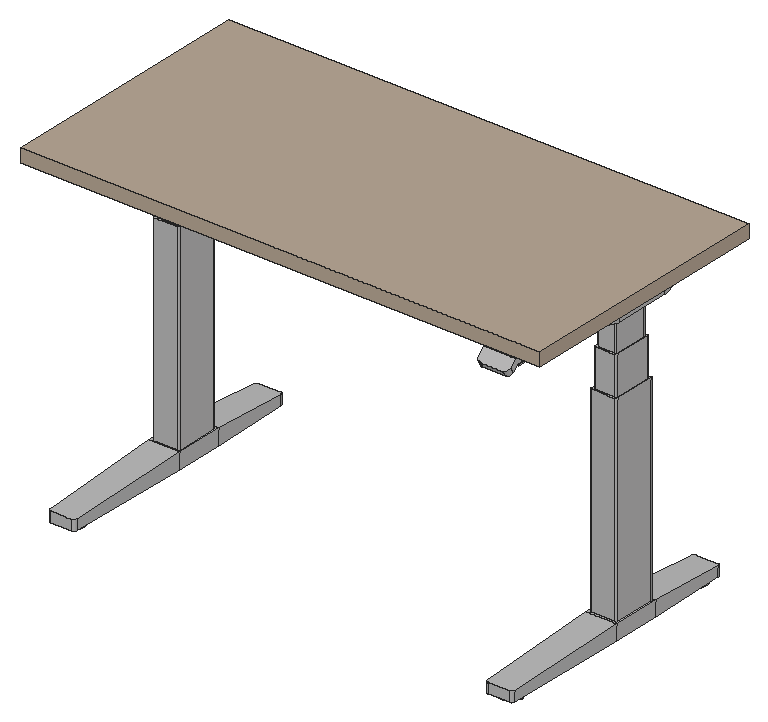
Revit family "Table-Teknion-JNHTRF-Navigate_Height_Adjustable_Rectangular-2018", category Furniture, Revit 2018 (continued)
Dimensions and locks (in)
  aligned and locked: curve 103 to cut or joined group of Sweep 4, Sweep 5
  aligned and locked: curve 104 to cut or joined group of Sweep 4, Sweep 5
  aligned and locked: curve 105 to Sweep 3
  aligned and locked: curve 106 to Sweep 3
  aligned and locked: curve 107 to Sweep 3
  aligned and locked: curve 108 to Sweep 3
  aligned and locked: curve 109 to Sweep 3
  aligned and locked: curve 110 to Sweep 3
  aligned and locked: curve 111 to Sweep 3
  aligned and locked: curve 112 to Sweep 3
  aligned and locked: plane 9 "Left Edge of Modesty Panel" to Sweep 10 sketch curve
  aligned and locked: plane 10 "Right Edge of Modesty Panel" to Sweep 10 sketch curve
  aligned and locked: plane 14 to Sweep 14 sketch curve
  aligned and locked: plane 3 "Center Left/Right" to Sweep 14 sketch curve
  aligned and locked: plane 1 "Center Front/Back" to Sweep 15 sketch curve
  aligned and locked: Sweep 15 sketch curve to plane 11 "Bottom of Worksurface"
  aligned and locked: plane 14 to Sweep 16 sketch curve
  aligned and locked: plane 3 "Center Left/Right" to Sweep 16 sketch curve
  aligned and locked: Sweep 17 sketch curve to plane 1 "Center Front/Back"
  aligned and locked: plane 11 "Bottom of Worksurface" to Sweep 17 sketch curve
  aligned and locked: plane 1 "Center Front/Back" to Sweep 18 sketch curve
  aligned and locked: plane 10 "Right Edge of Modesty Panel" to Sweep 18 sketch curve
  aligned and locked: plane 9 "Left Edge of Modesty Panel" to Sweep 18 sketch curve
  aligned and locked: plane 14 to Sweep 18 sketch curve
  aligned and locked: curve 113 to cut or joined group of Sweep 14, Sweep 18
  aligned and locked: curve 114 to cut or joined group of Sweep 14, Sweep 18
  aligned and locked: curve 115 to Sweep 15
  aligned and locked: curve 116 to Sweep 15
  aligned and locked: curve 117 to Sweep 15
  aligned and locked: curve 118 to Sweep 15
  aligned and locked: curve 119 to cut or joined group of Sweep 14, Sweep 18
  aligned and locked: curve 120 to cut or joined group of Sweep 14, Sweep 18
  aligned and locked: curve 121 to cut or joined group of Sweep 16, Sweep 18
  aligned and locked: curve 122 to cut or joined group of Sweep 16, Sweep 18
  aligned and locked: curve 123 to cut or joined group of Sweep 16, Sweep 18
  aligned and locked: curve 124 to cut or joined group of Sweep 16, Sweep 18
  aligned and locked: curve 125 to Sweep 17
  aligned and locked: curve 126 to Sweep 17
  aligned and locked: curve 127 to Sweep 17
  aligned and locked: curve 128 to Sweep 17
  aligned and locked: curve 129 to cut or joined group of Sweep 16, Sweep 18
  aligned and locked: curve 130 to cut or joined group of Sweep 16, Sweep 18
  aligned and locked: curve 131 to cut or joined group of Sweep 16, Sweep 18
  aligned and locked: curve 132 to cut or joined group of Sweep 16, Sweep 18
  aligned and locked: curve 133 to cut or joined group of Sweep 16, Sweep 18
  aligned and locked: curve 134 to Sweep 17
  aligned and locked: curve 135 to Sweep 17
  aligned and locked: curve 136 to cut or joined group of Sweep 14, Sweep 18
  aligned and locked: curve 137 to cut or joined group of Sweep 14, Sweep 18
  aligned and locked: curve 138 to cut or joined group of Sweep 14, Sweep 18
  aligned and locked: curve 139 to cut or joined group of Sweep 14, Sweep 18
  aligned and locked: curve 140 to cut or joined group of Sweep 14, Sweep 18
  aligned and locked: curve 141 to Sweep 15
  aligned and locked: curve 142 to Sweep 15
  aligned and locked: plane 1 "Center Front/Back" to Sweep 19 sketch curve
  aligned and locked: plane 1 "Center Front/Back" to Sweep 20 sketch curve
  aligned and locked: plane 3 "Center Left/Right" to Sweep 21 sketch curve
  aligned and locked: Sweep 22 sketch curve to plane 1 "Center Front/Back"
  aligned and locked: plane 3 "Center Left/Right" to Sweep 24 sketch curve
  aligned and locked: plane 3 "Center Left/Right" to Sweep 25 sketch curve
  aligned and locked: plane 3 "Center Left/Right" to Sweep 26 sketch curve
  aligned and locked: Sweep 27 sketch curve to plane 3 "Center Left/Right"
  aligned and locked: Sweep 28 sketch curve to plane 3 "Center Left/Right"
  aligned and locked: plane 8 "Top" to Sweep 29 sketch curve
  aligned and locked: plane 3 "Center Left/Right" to Sweep 29 sketch curve
  aligned and locked: plane 3 "Center Left/Right" to Sweep 30 sketch curve
  aligned and locked: plane 3 "Center Left/Right" to Sweep 31 sketch curve
  aligned and locked: plane 3 "Center Left/Right" to Sweep 32 sketch curve
  aligned and locked: plane 3 "Center Left/Right" to Sweep 33 sketch curve
  aligned and locked: Sweep 34 sketch curve to plane 3 "Center Left/Right"
  aligned and locked: Sweep 35 sketch curve to plane 1 "Center Front/Back"
  aligned and locked: plane 1 "Center Front/Back" to SweptBlend 36 sketch curve
  aligned and locked: plane 9 "Left Edge of Modesty Panel" to curve 18
Automatic sketch dimensions
  Sweep 2 sketch curve to Sweep 2 sketch curve = 2.000"  (x4)
  plane 15 to Sweep 7 sketch curve = 0.99951"
  Sweep 7 sketch curve to Sweep 7 sketch curve = 0.11811"  (x6)
  Sweep 7 sketch curve to Sweep 7 sketch curve = 1.72441"  (x2)
  Sweep 8 sketch curve to Sweep 8 sketch curve = 0.11807"  (x6)
  Sweep 8 sketch curve to Sweep 8 sketch curve = 1.39624"  (x2)
  Sweep 8 sketch curve to Sweep 8 sketch curve = 0.000"  (x2)
  Sweep 8 sketch curve to Sweep 8 sketch curve = 0.00007"  (x4)
  plane 1 "Center Front/Back" to Sweep 8 sketch curve = 0.97472"  (x2)
  plane 1 "Center Front/Back" to Sweep 9 sketch curve = 1.65423"
  Sweep 9 sketch curve to plane 1 "Center Front/Back" = 2.67648"
  Sweep 10 sketch curve to Sweep 10 sketch curve = 0.10472"  (x2)
  Sweep 11 sketch curve to Sweep 11 sketch curve = 5.97313"
  Sweep 6 sketch curve to Sweep 6 sketch curve = 0.14453"  (x8)
  plane 15 to Sweep 16 sketch curve = 1.43504"
  Sweep 32 sketch curve to Sweep 32 sketch curve = 0.000"
  Sweep 32 sketch curve to Sweep 32 sketch curve = 0.1422"  (x2)
  Sweep 32 sketch curve to Sweep 32 sketch curve = 1.02621"
  Sweep 33 sketch curve to Sweep 33 sketch curve = 0.000"
  Sweep 33 sketch curve to Sweep 33 sketch curve = 0.1422"  (x2)
  Sweep 33 sketch curve to Sweep 33 sketch curve = 1.02621"
  Sweep 34 sketch curve to Sweep 34 sketch curve = 0.000"
  Sweep 34 sketch curve to Sweep 34 sketch curve = 1.02621"
  Sweep 34 sketch curve to Sweep 34 sketch curve = 0.1422"  (x2)
  Sweep 23 sketch curve to plane 3 "Center Left/Right" = 0.000"
  SweptBlend 36 sketch curve to SweptBlend 36 sketch curve = 0.000"  (x2)
  SweptBlend 36 sketch curve to SweptBlend 36 sketch curve = 0.41711"  (x2)
  Masking region 3 sketch curve to Masking region 3 sketch curve = 0.00065"
  Masking region 3 sketch curve to Masking region 3 sketch curve = 0.00608"  (x2)
  Masking region 3 sketch curve to Masking region 3 sketch curve = 0.00001"  (x2)
  Masking region 3 sketch curve to plane 10 "Right Edge of Modesty Panel" = 0.7444"
  Masking region 3 sketch curve to Masking region 3 sketch curve = 0.29937"
  Masking region 3 sketch curve to Masking region 3 sketch curve = 0.00046"
  Masking region 3 sketch curve to plane 7 "Front" = 0.000"
  plane 9 "Left Edge of Modesty Panel" to curve 39 = 0.12299"
  curve 44 to curve 31 = 0.47013"
  curve 42 to curve 37 = 0.47013"
  curve 46 to curve 57 = 0.47013"
  curve 51 to curve 60 = 0.47013"
  curve 47 to plane 10 "Right Edge of Modesty Panel" = 0.10509"
  curve 49 to plane 10 "Right Edge of Modesty Panel" = 0.10509"
  curve 39 to curve 34 = 0.30185"
  curve 51 to curve 52 = 0.20668"
  curve 53 to curve 19 = 0.01912"
  curve 32 to curve 32 = 0.20668"
  curve 17 to curve 48 = 0.22642"
  curve 218 to curve 177 = 0.07897"
  curve 226 to curve 194 = 0.07897"
  curve 211 to curve 165 = 0.07897"
  curve 216 to curve 215 = 0.49985"
  curve 224 to curve 223 = 0.49985"
  curve 218 to curve 219 = 0.49985"
  curve 209 to curve 208 = 0.49985"
  curve 211 to curve 212 = 0.49985"
  curve 226 to curve 227 = 0.49985"
  curve 197 to curve 228 = 0.07897"
  curve 160 to curve 213 = 0.07897"
  curve 181 to curve 222 = 0.07897"
  curve 115 to curve 138 = 0.00118"
  curve 125 to curve 133 = 0.00118"
  radius of Sweep 3 sketch curve = 0.984"  (x4)
Types (5): name | Right Leg Offset | Left Leg Offset | Dia Cutout Offset | Sq Cutout Offset | U | S | Width | TT | Standard Corner Detail | Integrated Power Offset | Frame Offset | Additional Power Bar Notes | Depth | Curved Corner Detail | Model | Description | CC | Actual Width
  (no name) | 2.242" | 2.242" | 14.358" | 14.053" | yes | no | 46.000" | no | yes | 11.630" | 10.000" | "External Powerbar unavailable with User Optimized Width" | 23.000" | no | "JNHTRFNCC_29_U" | "Navigate Height-Adjustable Base - Rectangular, Navigate Leg Style, C-Legs Application, 29 Depth, User Optimzed Width Configuration" | yes | 46.000"
  T-Legs, User Optimized Width Configuration | 2.242" | 2.242" | 3.358" | 4.553" | yes | no | 46.000" | yes | yes | 11.630" | 15.011" | "External Powerbar unavailable with User Optimized Width" | 29.000" | no | "JNHTRFNTT_29_U" | "Navigate Height-Adjustable Base - Rectangular, Navigate Leg Style, T-Legs Application, 29 Depth, Urser Optimized Width Configuration" | no | 46.000"
  T-Legs, Standard Width Configuration | 5.242" | 5.242" | 3.358" | 4.553" | no | yes | 49.000" | yes | no | 14.630" | 15.011" | "Some width restrictions may apply depending on Powerbar selection." | 29.000" | yes | "JNHTRFNTT_29_S" | "Navigate Height-Adjustable Base - Rectangular, Navigate Leg Style, T-Legs Application, 29 Depth, Standard Width Configuration" | no | 49.000"
  C-Legs, Standard Width Configuration | 5.242" | 5.242" | 14.358" | 15.553" | no | yes | 58.000" | no | no | 21.130" | 10.000" | "Some width restrictions may apply depending on Powerbar selection." | 23.000" | yes | "JNHTRFNCC_29_S" | "Navigate Height-Adjustable Base - Rectangular, Navigate Leg Style, C-Legs Application, 29 Depth, Standard Width Configuration" | yes | 58.000"
  C-Legs, User Optimized Width Configuration | 2.242" | 2.242" | 14.358" | 14.053" | yes | no | 46.000" | no | yes | 11.630" | 10.000" | "External Powerbar unavailable with User Optimized Width" | 23.000" | no | "JNHTRFNCC_29_U" | "Navigate Height-Adjustable Base - Rectangular, Navigate Leg Style, C-Legs Application, 29 Depth, User Optimzed Width Configuration" | yes | 46.000"
